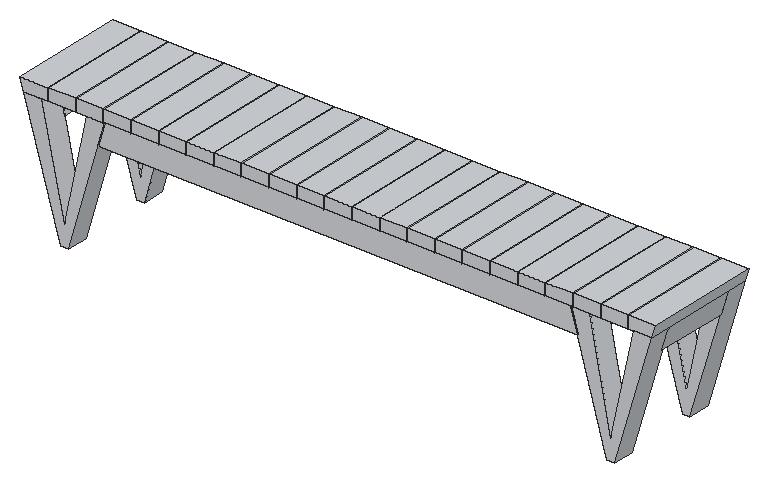
Revit family "LR_MESA MADRID CENTRO 210X50X45", category Sistema de mobiliário, Revit 2021
Family settings
  Cota do conector redondo = Utilizar diâmetro
  Tipo de parte = Normal
  Com base no plano de trabalho = Não
  Sempre na vertical = Sim
  Corte com vazios quando carregada = Não
  Compartilhado = Não
  Ponto de cálculo do ambiente = Não
Parameters
  Elevação padrão = 0 cm
Reference planes (cm)
  plane 1 "Centro (Frente/Trás)": y = 0
  plane 2: z = 0
  plane 3 "Centro (Esquerda/Direita)": x = 0
Forms (cm)
  Extrusion 1, solid
    sketch origin (257, 162.3359, 0) x (1, 0, 0) y (0, 0, -1)
      loop
        line (-96.1109, 0) -> (-93.9659, 7.5) -> (-251.3038, 7.5) -> (-249.1588, 0) -> (-96.1109, 0)
    from 0 to 7
  Extrusion 2, solid
    sketch origin (-66, 55.3359, 0) x (-1, 0, 0) y (0, 0, 1)
      loop
        line (-47.3652, 0) -> (-53.3652, 0) -> (-55.0196, -7.5) -> (-49.606, -7.5) -> (-47.3652, 0)
    from 83 to 107
  Extrusion 3, solid
    sketch origin (234.7304, 55.3359, 0) x (1, 0, 0) y (0, 0, -1)
      loop
        line (-47.3652, 0) -> (-49.606, 7.5) -> (-55.0196, 7.5) -> (-53.3652, 0) -> (-47.3652, 0)
    from 83 to 107
  Extrusion 4, solid
    sketch origin (-66, 138.3359, 0) x (1, 0, 0) y (0, 0, 1)
      loop
        line (47.3652, 0) -> (59.6152, -41) -> (62.1152, -41) -> (73.8412, 0) -> (67.8412, 0) -> (60.8652, -34) -> (53.3652, 0) -> (47.3652, 0)
    from 0 to 7
  Extrusion 5, solid
    sketch origin (257, 138.3359, 0) x (1, 0, 0) y (0, 0, 1)
      loop
        line (-96.1109, 0) -> (-249.1588, 0) -> (-251.3038, -7.5) -> (-93.9659, -7.5) -> (-96.1109, 0)
    from 0 to 7
  Extrusion 6, solid
    sketch origin (-66, 162.3359, 0) x (1, 0, 0) y (0, 0, -1)
      loop
        line (47.3652, 0) -> (53.3652, 0) -> (60.8652, 34) -> (67.8412, 0) -> (73.8412, 0) -> (62.1152, 41) -> (59.6152, 41) -> (47.3652, 0)
    from 0 to 7
  Extrusion 7, solid
    sketch origin (234.7304, 138.3359, 0) x (-1, 0, 0) y (0, 0, -1)
      loop
        line (47.3652, 0) -> (53.3652, 0) -> (60.8652, 34) -> (67.8412, 0) -> (73.8412, 0) -> (62.1152, 41) -> (59.6152, 41) -> (47.3652, 0)
    from 0 to 7
  Extrusion 8, solid
    sketch origin (234.7304, 162.3359, 0) x (-1, 0, 0) y (0, 0, 1)
      loop
        line (47.3652, 0) -> (59.6152, -41) -> (62.1152, -41) -> (73.8412, 0) -> (67.8412, 0) -> (60.8652, -34) -> (53.3652, 0) -> (47.3652, 0)
    from 0 to 7
  Extrusion 9, solid
    sketch origin (378.7304, 138.8359, 0) x (-1, 0, 0) y (0, 0, -1)
      loop
        line (397.3652, 0) -> (389.4999, 0) -> (389.4999, -4) -> (398.5603, -4) -> (397.3652, 0)
      loop
        line (191.3652, 0) -> (190.1701, -4) -> (199.2305, -4) -> (199.2305, 0) -> (191.3652, 0)
    from -30.5 to 7.5
  Extrusion 10, solid
    sketch origin (387.7908, 138.8359, 0) x (-1, 0, 0) y (0, 0, -1)
      loop
        line (398.5603, 0) -> (389.4999, 0) -> (389.4999, -4) -> (398.5603, -4) -> (398.5603, 0)
    from -30.5 to 7.5
  Extrusion 11, solid
    sketch origin (396.8513, 138.8359, 0) x (-1, 0, 0) y (0, 0, -1)
      loop
        line (398.5603, 0) -> (389.4999, 0) -> (389.4999, -4) -> (398.5603, -4) -> (398.5603, 0)
    from -30.5 to 7.5
  Extrusion 12, solid
    sketch origin (405.9117, 138.8359, 0) x (-1, 0, 0) y (0, 0, -1)
      loop
        line (398.5603, 0) -> (389.4999, 0) -> (389.4999, -4) -> (398.5603, -4) -> (398.5603, 0)
    from -30.5 to 7.5
  Extrusion 13, solid
    sketch origin (414.9722, 138.8359, 0) x (-1, 0, 0) y (0, 0, -1)
      loop
        line (398.5603, 0) -> (389.4999, 0) -> (389.4999, -4) -> (398.5603, -4) -> (398.5603, 0)
    from -30.5 to 7.5
  Extrusion 14, solid
    sketch origin (424.0326, 138.8359, 0) x (-1, 0, 0) y (0, 0, -1)
      loop
        line (398.5603, 0) -> (389.4999, 0) -> (389.4999, -4) -> (398.5603, -4) -> (398.5603, 0)
    from -30.5 to 7.5
  Extrusion 15, solid
    sketch origin (433.093, 138.8359, 0) x (-1, 0, 0) y (0, 0, -1)
      loop
        line (398.5603, 0) -> (389.4999, 0) -> (389.4999, -4) -> (398.5603, -4) -> (398.5603, 0)
    from -30.5 to 7.5
  Extrusion 16, solid
    sketch origin (442.1535, 138.8359, 0) x (-1, 0, 0) y (0, 0, -1)
      loop
        line (398.5603, 0) -> (389.4999, 0) -> (389.4999, -4) -> (398.5603, -4) -> (398.5603, 0)
    from -30.5 to 7.5
  Extrusion 17, solid
    sketch origin (451.2139, 138.8359, 0) x (-1, 0, 0) y (0, 0, -1)
      loop
        line (398.5603, 0) -> (389.4999, 0) -> (389.4999, -4) -> (398.5603, -4) -> (398.5603, 0)
    from -30.5 to 7.5
  Extrusion 18, solid
    sketch origin (460.2744, 138.8359, 0) x (-1, 0, 0) y (0, 0, -1)
      loop
        line (398.5603, 0) -> (389.4999, 0) -> (389.4999, -4) -> (398.5603, -4) -> (398.5603, 0)
    from -30.5 to 7.5
  Extrusion 19, solid
    sketch origin (469.3348, 138.8359, 0) x (-1, 0, 0) y (0, 0, -1)
      loop
        line (398.5603, 0) -> (389.4999, 0) -> (389.4999, -4) -> (398.5603, -4) -> (398.5603, 0)
    from -30.5 to 7.5
  Extrusion 20, solid
    sketch origin (478.3953, 138.8359, 0) x (-1, 0, 0) y (0, 0, -1)
      loop
        line (398.5603, 0) -> (389.4999, 0) -> (389.4999, -4) -> (398.5603, -4) -> (398.5603, 0)
    from -30.5 to 7.5
  Extrusion 21, solid
    sketch origin (487.4557, 138.8359, 0) x (-1, 0, 0) y (0, 0, -1)
      loop
        line (398.5603, 0) -> (389.4999, 0) -> (389.4999, -4) -> (398.5603, -4) -> (398.5603, 0)
    from -30.5 to 7.5
  Extrusion 22, solid
    sketch origin (496.5162, 138.8359, 0) x (-1, 0, 0) y (0, 0, -1)
      loop
        line (398.5603, 0) -> (389.4999, 0) -> (389.4999, -4) -> (398.5603, -4) -> (398.5603, 0)
    from -30.5 to 7.5
  Extrusion 23, solid
    sketch origin (505.5766, 138.8359, 0) x (-1, 0, 0) y (0, 0, -1)
      loop
        line (398.5603, 0) -> (389.4999, 0) -> (389.4999, -4) -> (398.5603, -4) -> (398.5603, 0)
    from -30.5 to 7.5
  Extrusion 24, solid
    sketch origin (514.6371, 138.8359, 0) x (-1, 0, 0) y (0, 0, -1)
      loop
        line (398.5603, 0) -> (389.4999, 0) -> (389.4999, -4) -> (398.5603, -4) -> (398.5603, 0)
    from -30.5 to 7.5
  Extrusion 25, solid
    sketch origin (523.6975, 138.8359, 0) x (-1, 0, 0) y (0, 0, -1)
      loop
        line (398.5603, 0) -> (389.4999, 0) -> (389.4999, -4) -> (398.5603, -4) -> (398.5603, 0)
    from -30.5 to 7.5
  Extrusion 26, solid
    sketch origin (532.7579, 138.8359, 0) x (-1, 0, 0) y (0, 0, -1)
      loop
        line (398.5603, 0) -> (389.4999, 0) -> (389.4999, -4) -> (398.5603, -4) -> (398.5603, 0)
    from -30.5 to 7.5
  Extrusion 27, solid
    sketch origin (541.8184, 138.8359, 0) x (-1, 0, 0) y (0, 0, -1)
      loop
        line (398.5603, 0) -> (389.4999, 0) -> (389.4999, -4) -> (398.5603, -4) -> (398.5603, 0)
    from -30.5 to 7.5
  Extrusion 28, solid
    sketch origin (550.8788, 138.8359, 0) x (-1, 0, 0) y (0, 0, -1)
      loop
        line (398.5603, 0) -> (389.4999, 0) -> (389.4999, -4) -> (398.5603, -4) -> (398.5603, 0)
    from -30.5 to 7.5
  Extrusion 29, solid
    sketch origin (559.9393, 138.8359, 0) x (-1, 0, 0) y (0, 0, -1)
      loop
        line (398.5603, 0) -> (389.4999, 0) -> (389.4999, -4) -> (398.5603, -4) -> (398.5603, 0)
    from -30.5 to 7.5
  Extrusion 30, solid
    sketch origin (568.9997, 138.8359, 0) x (-1, 0, 0) y (0, 0, -1)
      loop
        line (398.5603, 0) -> (389.4999, 0) -> (389.4999, -4) -> (398.5603, -4) -> (398.5603, 0)
    from -30.5 to 7.5
Lines and regions (cm)
  symbolic lines
    curve 1: line (39.3652, 175.3359, 0) -> (25.3652, 175.3359, 0)
    curve 2: line (25.3652, 125.3359, 0) -> (117.3652, 125.3359, 0)
Dimensions and locks (cm)
  aligned and locked: level to plane 2
